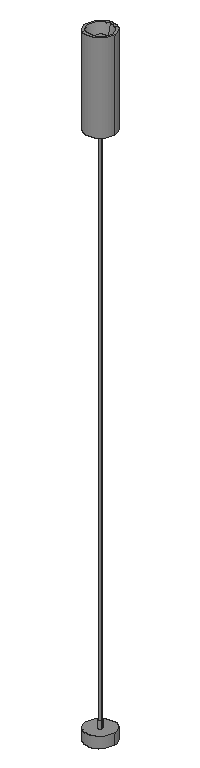
Revit family "2061005 Sylvania Lighting Fixture TubiXx LED pendant 4000K white-black", category Lighting Fixtures, host Face, Revit 2016
Family settings
  Host = Face
  Part Type = Normal
  Round Connector Dimension = Use Diameter
  OmniClass Number = 23.80.70.00
  OmniClass Title = Lighting
  Cut with Voids When Loaded = No
  Light Source = Yes
  Shared = No
  Room Calculation Point = No
Parameters (values of type "2061005 TUBIXX LED PENDANT 4000K WHITE-BLACK")
  Weight = "n/a"
  Wattage Comments = ""
  Wattage = 9.2903 W
  WarrantyStartDate [instance] = "n/a"
  WarrantyGuarantorParts = "n/a"
  WarrantyDurationUnit = "n/a"
  WarrantyDurationParts = ""
  WarrantyDescription = "http://www.sylvania-lighting.com"
  built-in parameter 1150110 = 1 (stored number, unit not read)
  Voltage = 0 V
  URL = "0.95"
  TypeName = "TubiXx LED pendant 4000K white-black"
  Type Image = <None>
  Type Comments = "n/a"
  Tube Length = 250 mm
  Tube Diameter = 80 mm
  built-in parameter 1114217 = 1 (stored number, unit not read)
  Tilt Angle = 90.00°
  built-in parameter 1150109 = 1 (stored number, unit not read)
  built-in parameter 1150134 = 3
  built-in parameter 1150113 = 1 (stored number, unit not read)
  SerialNumber [instance] = "n/a"
  Recess Depth = 28.015 mm
  Photometric Web File = "2061005.ies"
  Material_3_FEILO = none
  PowerFactor = 0
  PowerConsumption = "Lighting"
  NominalLength = 0 mm
  NominalHeight = 0 mm
  NominalDepth = 0 mm
  Name = "TubiXx LED pendant 4000K white-black"
  ModelReference = Name  # "TubiXx LED pendant 4000K white-black"
  ModelNumber = "2061005"
  Model = Name  # "TubiXx LED pendant 4000K white-black"
  Material = "Feilo Sylvania"
  ManufacturerName = "96 lm/W"
  Manufacturer = ""
  LuminousEfficacy = ""
  built-in parameter 1150105 = 109.82 (stored number, unit not read)
  Lumens = 1380 lm
  LuminaireType = "0"
  built-in parameter 1150115 = 1 (stored number, unit not read)
  LightOutputRatio = "LED"
  built-in parameter 1150137 = (empty or 0)
  built-in parameter 1150139 = (empty or 0)
  LampsType = Lamp  # "n/a"
  LampNominalLuminous = "4000 K"
  LampMacAdamStep = "92"
  LampColourTemperature = "LED"
  LampColourRenderingIndex = "16500"
  built-in parameter 1150112 = 1 (stored number, unit not read)
  built-in parameter 1150114 = 1 (stored number, unit not read)
  Lamp = "n/a"
  Keynote = "n/a"
  InstallationDate [instance] = "n/a"
  InputVoltage = "0"
  InputNominalFrequency = "4000"
  built-in parameter 1150132 = (empty or 0)
  built-in parameter 1150102 = (empty or 0)
  built-in parameter 1150107 = 3200 (stored number, unit not read)
  built-in parameter 1150138 = (empty or 0)
  IngressProtection = "IfcLightFixtureType"
  ImpactProtectionIndex = "IfcLightFixtureType"
  built-in parameter 1150106 = 1.0982 (stored number, unit not read)
  IfcExportType = "IfcLightFixtureType"
  IfcExportAs = "Class I"
  ExpectedLife = 50000
  Emit from Circle Diameter = 609.6 mm
  Emit Shape Visible in Rendering = no
  ElectricShockClassification = "96"
  built-in parameter 1150104 = 13.8 (stored number, unit not read)
  DurationUnit = "hours"
  DocumentationLiterature = "http://www.sylvania-lighting.com/product/en-int/products/2061005"
  DimmingControlOptions = "n/a"
  Material_2_FEILO = none
  Dimming Lamp Color Temperature Shift = <None>
  Description = "TubiXx LED Pendant is a decorative pendant fixture with integrated driver, equipped with an integrated non-dimmable LED driver, White finish with Black reflector, colour temperature 4000K, 14W, 1337lm, 96lm/W, IP20, IK02, Class I. Dimensions 250mmx80mm."
  Default Elevation = 1219.2 mm
  CreatedOn = "22/11/2019"
  CreatedBy = "@sylvania-lighting.com"
  Cost = 0
  Color Filter = 16777215
  built-in parameter 1114216 [instance] = (empty or 0)
  ClassificationValue = "EF_70_80"
  ClassificationName = "Uniclass2015"
  Material_1_FEILO = none
  Ceiling Rose Depth = 30 mm
  Cable Length = 1500 mm
  BarCode [instance] = "n/a"
  built-in parameter 1114218 = 1 (stored number, unit not read)
  built-in parameter 1150133 = 10 (stored number, unit not read)
  AssetType = "Fixed"
  AssetIdentifier [instance] = "n/a"
  Assembly Code = "D5020200"
  Apparent Load = 14 VA
  Material_4_FEILO = none
Reference planes
  plane 1 "Center (Front/Back)": y = 0
  plane 2: z = 0
  plane 3 "Center (Left/Right)": x = 0
  plane 4: x = 40
  plane 5: x = -40
  plane 6: y = 40
  plane 7: y = -40
  plane 8: z = 0
  plane 9: z = 30.144
  plane 10: z = 1530.144
  plane 11: z = 1752.129
  plane 12: z = 1780.144
Forms (mm)
  Extrusion 1, solid, material "Aluminum", detail levels medium+fine
    sketch origin (4.2, 0, 0) x (1, 0, 0) y (0, 1, 0)
      loop
        circle (-4.2, 0) r 40
    from 1530.144 to 1780.144
  Blend 2, void
    base sketch origin (4.2, 0, 0) x (0, 1, 0) y (-1, 0, 0)
      loop
        circle (0, 4.2) r 25
    top sketch origin (4.2, 0, 0) x (0, 1, 0) y (-1, 0, 0)
      loop
        circle (0, 4.2) r 34
    from 1752.144 to 1780.144
  Extrusion 3, solid, material "Plastic, Opaque Black", detail levels fine
    sketch origin (3.621, -0.001, 1239.938) x (0, 1, 0) y (1, 0, 0)
      loop
        circle (0.002, -3.635) r 6
    from -290.206 to -270.206
  Extrusion 4, solid, detail levels coarse
    sketch origin (4.25, 0.033, 1530.144) x (0, 1, 0) y (1, 0, 0)
      loop
        line (39.967, 35.75) -> (-40.071, 35.75) -> (-40.071, -44.142) -> (39.967, -44.142) -> (39.967, 35.75)
    from -250 to 1530.144
  Extrusion 5, solid, material "Glass, White, High Luminance", detail levels fine
    sketch origin (4.2, 0, 1752.144) x (0, 1, 0) y (-1, 0, 0)
      loop
        circle (0.004, 4.166) r 25.024
    from 0 to 2
  Extrusion 6, solid, material "Fabric", detail levels medium+fine
    sketch origin (3.621, -0.001, 1219.938) x (-1, 0, 0) y (0, 1, 0)
      loop
        circle (3.63, 0.003) r 3.5
    from -310.206 to 1189.938
  Extrusion 7, solid, material "Plastic, Opaque Black", detail levels fine
    sketch origin (4.2, 0, 30) x (1, 0, 0) y (0, 1, 0)
      loop
        circle (-4.215, 0.002) r 6
    from 0 to 20
  Extrusion 8, solid, material "Aluminum", detail levels medium+fine
    sketch origin (4.2, 0, 0) x (1, 0, 0) y (0, 1, 0)
      loop
        circle (-4.2, 0) r 40
    from 0 to 30
Cuts and joins
  Blend 2 cuts Extrusion 1
Dimensions and locks
  "Tube Diameter": plane 5 to plane 4
  equal spacing: plane 5, plane 3 "Center (Left/Right)", plane 4, locked at 40 each
  "Tube Diameter": plane 6 to plane 7
  equal spacing: plane 6, plane 1 "Center (Front/Back)", plane 7, locked at 40 each
  "Cable Length": plane 10 to plane 9
  "Recess Depth": plane 12 to plane 11
  "Tube Length": plane 12 to plane 10
  aligned and locked: plane 2 to host face
  aligned and locked: level to host face
  aligned and locked: Extrusion 4 to cut or joined group of Extrusion 1, Blend 2
Automatic sketch dimensions
  host sketch curve to host sketch curve = 2438.4 mm  (x2)
  plane 1 "Center (Front/Back)" to Extrusion 1 sketch curve = 0 mm
  Extrusion 1 sketch curve to plane 3 "Center (Left/Right)" = 0 mm
  plane 1 "Center (Front/Back)" to Blend 2 sketch curve = 0 mm  (x2)
  Blend 2 sketch curve to plane 3 "Center (Left/Right)" = 0 mm  (x2)
  Extrusion 4 sketch curve to Extrusion 4 sketch curve = 80.038 mm
  Extrusion 4 sketch curve to Extrusion 4 sketch curve = 79.892 mm
  Extrusion 7 sketch curve to plane 1 "Center (Front/Back)" = 0.002 mm
  Extrusion 7 sketch curve to plane 3 "Center (Left/Right)" = 0.015 mm
  plane 1 "Center (Front/Back)" to Extrusion 8 sketch curve = 0 mm
  Extrusion 8 sketch curve to plane 3 "Center (Left/Right)" = 0 mm
  radius of Extrusion 1 sketch curve = 40 mm
  radius of Blend 2 sketch curve = 25 mm
  radius of Blend 2 sketch curve = 34 mm
  radius of Extrusion 3 sketch curve = 6 mm
  radius of Extrusion 5 sketch curve = 25.024 mm
  radius of Extrusion 6 sketch curve = 3.5 mm
  radius of Extrusion 7 sketch curve = 6 mm
  radius of Extrusion 8 sketch curve = 40 mm
Connectors
  electrical at (0, 0, 0)
    settings: on Extrusion 8, index 1, voltage 0 V, apparent load 0 VA, apparent load phase1 0 VA, apparent load phase2 0 VA, apparent load phase3 0 VA, power factor 1, load classification "Other", number of poles 1, system type 31, power factor state 1, is connector primary yes, connector utility no, sub classification motor no, connector description ""
